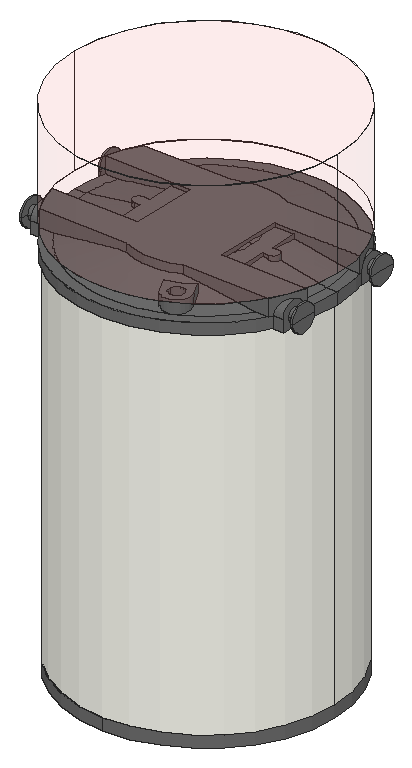
Revit family "Cooling_Plant-Accessories-Calmac-IceBank-Model-1220C4F", category Mechanical Equipment, Revit 2014 (continued)
Definition of nested family "Cooling_Plant_Accessories-Calmac-IceBank-Lid_C"
  Dimensions and locks (in)
    aligned and locked: cut or joined group of Revolve 1, Extrusion 2, Extrusion 4, Extrusion 5 to curve 96
    aligned and locked: curve 97 to Extrusion 3
    aligned and locked: curve 98 to cut or joined group of Revolve 1, Extrusion 2, Extrusion 4, Extrusion 5
    aligned and locked: cut or joined group of Revolve 1, Extrusion 2, Extrusion 4, Extrusion 5 to curve 100
    aligned and locked: curve 101 to cut or joined group of Revolve 1, Extrusion 2, Extrusion 4, Extrusion 5
    aligned and locked: curve 102 to cut or joined group of Revolve 1, Extrusion 2, Extrusion 4, Extrusion 5
    aligned and locked: cut or joined group of Revolve 1, Extrusion 2, Extrusion 4, Extrusion 5 to curve 103
    aligned and locked: cut or joined group of Revolve 1, Extrusion 2, Extrusion 4, Extrusion 5 to curve 110
    aligned and locked: curve 111 to Extrusion 3
    aligned and locked: curve 115 to cut or joined group of Revolve 1, Extrusion 2, Extrusion 4, Extrusion 5
    aligned and locked: plane 2 "Bottom" to curve 116
    aligned and locked: Masking region 3 sketch curve to cut or joined group of Revolve 1, Extrusion 2, Extrusion 4, Extrusion 5  (x2)
    aligned and locked: curve 121 to cut or joined group of Revolve 1, Extrusion 2, Extrusion 4, Extrusion 5
    aligned and locked: curve 122 to cut or joined group of Revolve 1, Extrusion 2, Extrusion 4, Extrusion 5
    aligned and locked: curve 123 to cut or joined group of Revolve 1, Extrusion 2, Extrusion 4, Extrusion 5
    aligned and locked: curve 124 to cut or joined group of Revolve 1, Extrusion 2, Extrusion 4, Extrusion 5
    aligned and locked: curve 125 to cut or joined group of Revolve 1, Extrusion 2, Extrusion 4, Extrusion 5
    aligned and locked: curve 126 to cut or joined group of Revolve 1, Extrusion 2, Extrusion 4, Extrusion 5
    aligned and locked: curve 127 to cut or joined group of Revolve 1, Extrusion 2, Extrusion 4, Extrusion 5
    aligned and locked: curve 128 to cut or joined group of Revolve 1, Extrusion 2, Extrusion 4, Extrusion 5
    aligned and locked: curve 129 to cut or joined group of Revolve 1, Extrusion 2, Extrusion 4, Extrusion 5
    aligned and locked: curve 130 to cut or joined group of Revolve 1, Extrusion 2, Extrusion 4, Extrusion 5
    aligned and locked: curve 131 to cut or joined group of Revolve 1, Extrusion 2, Extrusion 4, Extrusion 5
    aligned and locked: curve 132 to cut or joined group of Revolve 1, Extrusion 2, Extrusion 4, Extrusion 5
    aligned and locked: curve 133 to cut or joined group of Revolve 1, Extrusion 2, Extrusion 4, Extrusion 5
    aligned and locked: curve 134 to cut or joined group of Revolve 1, Extrusion 2, Extrusion 4, Extrusion 5
    aligned and locked: curve 135 to cut or joined group of Revolve 1, Extrusion 2, Extrusion 4, Extrusion 5
    aligned and locked: curve 136 to cut or joined group of Revolve 1, Extrusion 2, Extrusion 4, Extrusion 5
    aligned and locked: curve 137 to cut or joined group of Revolve 1, Extrusion 2, Extrusion 4, Extrusion 5
    aligned and locked: curve 138 to cut or joined group of Revolve 1, Extrusion 2, Extrusion 4, Extrusion 5
    aligned and locked: curve 139 to cut or joined group of Revolve 1, Extrusion 2, Extrusion 4, Extrusion 5
    aligned and locked: curve 140 to cut or joined group of Revolve 1, Extrusion 2, Extrusion 4, Extrusion 5
    aligned and locked: curve 141 to cut or joined group of Revolve 1, Extrusion 2, Extrusion 4, Extrusion 5
    aligned and locked: curve 142 to cut or joined group of Revolve 1, Extrusion 2, Extrusion 4, Extrusion 5
    aligned and locked: curve 143 to cut or joined group of Revolve 1, Extrusion 2, Extrusion 4, Extrusion 5
    aligned and locked: curve 144 to cut or joined group of Revolve 1, Extrusion 2, Extrusion 4, Extrusion 5
    aligned and locked: curve 145 to cut or joined group of Revolve 1, Extrusion 2, Extrusion 4, Extrusion 5
    aligned and locked: curve 146 to cut or joined group of Revolve 1, Extrusion 2, Extrusion 4, Extrusion 5
    aligned and locked: curve 147 to cut or joined group of Revolve 1, Extrusion 2, Extrusion 4, Extrusion 5
    aligned and locked: curve 148 to cut or joined group of Revolve 1, Extrusion 2, Extrusion 4, Extrusion 5
    aligned and locked: cut or joined group of Revolve 1, Extrusion 2, Extrusion 4, Extrusion 5 to curve 149
    aligned and locked: curve 150 to cut or joined group of Revolve 1, Extrusion 2, Extrusion 4, Extrusion 5
    aligned and locked: curve 151 to cut or joined group of Revolve 1, Extrusion 2, Extrusion 4, Extrusion 5
    aligned and locked: cut or joined group of Revolve 1, Extrusion 2, Extrusion 4, Extrusion 5 to curve 152
    aligned and locked: curve 153 to cut or joined group of Revolve 1, Extrusion 2, Extrusion 4, Extrusion 5
    aligned and locked: curve 154 to cut or joined group of Revolve 1, Extrusion 2, Extrusion 4, Extrusion 5
    aligned and locked: curve 155 to cut or joined group of Revolve 1, Extrusion 2, Extrusion 4, Extrusion 5
    aligned and locked: curve 156 to cut or joined group of Revolve 1, Extrusion 2, Extrusion 4, Extrusion 5
    aligned and locked: curve 157 to cut or joined group of Revolve 1, Extrusion 2, Extrusion 4, Extrusion 5
    aligned and locked: curve 158 to cut or joined group of Revolve 1, Extrusion 2, Extrusion 4, Extrusion 5
    aligned and locked: curve 159 to cut or joined group of Revolve 1, Extrusion 2, Extrusion 4, Extrusion 5
    aligned and locked: curve 160 to cut or joined group of Revolve 1, Extrusion 2, Extrusion 4, Extrusion 5
    aligned and locked: curve 161 to cut or joined group of Revolve 1, Extrusion 2, Extrusion 4, Extrusion 5
    aligned and locked: curve 162 to cut or joined group of Revolve 1, Extrusion 2, Extrusion 4, Extrusion 5
    aligned and locked: curve 163 to cut or joined group of Revolve 1, Extrusion 2, Extrusion 4, Extrusion 5
    aligned and locked: curve 164 to cut or joined group of Revolve 1, Extrusion 2, Extrusion 4, Extrusion 5
    aligned and locked: curve 127 to curve 165
    aligned and locked: plane 19 "Rigging Front" to curve 166
    aligned and locked: plane 9 "Rigging Back" to curve 166
    aligned and locked: curve 121 to curve 167
    aligned and locked: plane 19 "Rigging Front" to curve 168
    aligned and locked: plane 9 "Rigging Back" to curve 168
    aligned and locked: plane 8 "Piping Back" to curve 167  (x2)
    aligned and locked: Masking region 3 sketch curve to plane 5 "Back Connector Back"
    aligned and locked: Masking region 3 sketch curve to plane 44 "Connection Sleeve Left"
    aligned and locked: plane 45 "Connection Sleeve Right" to Masking region 3 sketch curve
    aligned and locked: plane 15 "Front Connection Front" to Masking region 3 sketch curve
    aligned and locked: curve 169 to cut or joined group of Revolve 1, Extrusion 2, Extrusion 4, Extrusion 5
    aligned and locked: curve 170 to cut or joined group of Revolve 1, Extrusion 2, Extrusion 4, Extrusion 5
    aligned and locked: curve 171 to curve 169
    aligned and locked: curve 172 to curve 170
    aligned and locked: curve 173 to cut or joined group of Revolve 1, Extrusion 2, Extrusion 4, Extrusion 5
    aligned and locked: curve 174 to cut or joined group of Revolve 1, Extrusion 2, Extrusion 4, Extrusion 5
    aligned and locked: curve 175 to cut or joined group of Revolve 1, Extrusion 2, Extrusion 4, Extrusion 5
    aligned and locked: curve 176 to cut or joined group of Revolve 1, Extrusion 2, Extrusion 4, Extrusion 5
    aligned and locked: curve 177 to cut or joined group of Revolve 1, Extrusion 2, Extrusion 4, Extrusion 5
    aligned and locked: curve 178 to cut or joined group of Revolve 1, Extrusion 2, Extrusion 4, Extrusion 5
    aligned and locked: curve 179 to cut or joined group of Revolve 1, Extrusion 2, Extrusion 4, Extrusion 5
    aligned and locked: curve 180 to cut or joined group of Revolve 1, Extrusion 2, Extrusion 4, Extrusion 5
    aligned and locked: cut or joined group of Revolve 1, Extrusion 2, Extrusion 4, Extrusion 5 to curve 181
    aligned and locked: curve 182 to cut or joined group of Revolve 1, Extrusion 2, Extrusion 4, Extrusion 5
    aligned and locked: curve 183 to cut or joined group of Revolve 1, Extrusion 2, Extrusion 4, Extrusion 5
    aligned and locked: curve 184 to cut or joined group of Revolve 1, Extrusion 2, Extrusion 4, Extrusion 5
    aligned and locked: curve 185 to cut or joined group of Revolve 1, Extrusion 2, Extrusion 4, Extrusion 5
    aligned and locked: curve 186 to cut or joined group of Revolve 1, Extrusion 2, Extrusion 4, Extrusion 5
    aligned and locked: curve 187 to cut or joined group of Revolve 1, Extrusion 2, Extrusion 4, Extrusion 5
    aligned and locked: curve 188 to cut or joined group of Revolve 1, Extrusion 2, Extrusion 4, Extrusion 5
    aligned and locked: curve 189 to cut or joined group of Revolve 1, Extrusion 2, Extrusion 4, Extrusion 5
    aligned and locked: curve 190 to cut or joined group of Revolve 1, Extrusion 2, Extrusion 4, Extrusion 5
    aligned and locked: cut or joined group of Revolve 1, Extrusion 2, Extrusion 4, Extrusion 5 to curve 191
    aligned and locked: cut or joined group of Revolve 1, Extrusion 2, Extrusion 4, Extrusion 5 to curve 192
    aligned and locked: cut or joined group of Revolve 1, Extrusion 2, Extrusion 4, Extrusion 5 to curve 193
    aligned and locked: cut or joined group of Revolve 1, Extrusion 2, Extrusion 4, Extrusion 5 to curve 194
    aligned and locked: curve 195 to cut or joined group of Revolve 1, Extrusion 2, Extrusion 4, Extrusion 5
    aligned and locked: cut or joined group of Revolve 1, Extrusion 2, Extrusion 4, Extrusion 5 to curve 196
    aligned and locked: curve 197 to cut or joined group of Revolve 1, Extrusion 2, Extrusion 4, Extrusion 5
    aligned and locked: cut or joined group of Revolve 1, Extrusion 2, Extrusion 4, Extrusion 5 to curve 198
    aligned and locked: plane 6 "Back Connector Center" to nested 4
    aligned and locked: nested 4 to plane 44 "Connection Sleeve Left"
    aligned and locked: nested 1 to plane 6 "Back Connector Center"
    aligned and locked: nested 1 to plane 45 "Connection Sleeve Right"
    aligned and locked: plane 16 "Fron Connector Center" to nested 2
    aligned and locked: nested 2 to plane 45 "Connection Sleeve Right"
    aligned and locked: nested 3 to plane 16 "Fron Connector Center"
    aligned and locked: nested 3 to plane 44 "Connection Sleeve Left"
    aligned and locked: plane 2 "Bottom" to curve 201
    aligned and locked: plane 1 "Center (Front/Back)" to curve 201
    aligned and locked: plane 3 "Center (Left/Right)" to nested 5
    aligned and locked: plane 1 "Center (Front/Back)" to nested 5
    aligned: plane 54 "Top of Clearance Box" to nested 5
    aligned: plane 55 "Top" to nested 5  (x4)
    aligned and locked: Masking region 1 to plane 55 "Top"
    aligned and locked: plane 57 "Center (Elevation)" to Extrusion 3 sketch curve  (x4)
    aligned and locked: plane 7 "Back Connector Front" to Extrusion 3 sketch curve
    aligned and locked: plane 55 "Top" to cut or joined group of Revolve 1, Extrusion 2, Extrusion 4, Extrusion 5
    aligned and locked: plane 57 "Center (Elevation)" to curve 172
    aligned and locked: cut or joined group of Revolve 1, Extrusion 2, Extrusion 4, Extrusion 5 to plane 57 "Center (Elevation)"
    aligned: plane 57 "Center (Elevation)" to nested 1  (x2)
    aligned: plane 57 "Center (Elevation)" to nested 2  (x2)
    aligned and locked: plane 57 "Center (Elevation)" to cut or joined group of Revolve 1, Extrusion 2, Extrusion 4, Extrusion 5  (x5)
    aligned and locked: curve 171 to plane 57 "Center (Elevation)"
    aligned: plane 57 "Center (Elevation)" to nested 3
    aligned and locked: curve 120 to plane 56 "Connector Channel Top"
    aligned and locked: curve 114 to plane 56 "Connector Channel Top"
    aligned: Masking region 2 to plane 55 "Top"
    aligned: plane 56 "Connector Channel Top" to Masking region 2
    aligned and locked: plane 21 "Top Front Edge" to Masking region 2
    aligned and locked: plane 58 "Front Inset 2" to Masking region 2
    aligned and locked: plane 57 "Center (Elevation)" to curve 78
    aligned and locked: curve 173 to plane 57 "Center (Elevation)"
    aligned and locked: curve 77 to plane 8 "Piping Back"
    aligned and locked: plane 9 "Rigging Back" to curve 86
    aligned and locked: plane 19 "Rigging Front" to curve 80
    aligned and locked: curve 95 to plane 18 "Piping Front"
    aligned and locked: curve 84 to plane 10 "Rigging Loop Back"
    aligned and locked: curve 82 to plane 20 "Rigging Loop Front"
    aligned and locked: cut or joined group of Revolve 1, Extrusion 2, Extrusion 4, Extrusion 5 to plane 56 "Connector Channel Top"
    aligned and locked: nested 5 to plane 54 "Top of Clearance Box"
    aligned and locked: plane 57 "Center (Elevation)" to nested 1
    aligned and locked: plane 57 "Center (Elevation)" to nested 2
    aligned and locked: plane 57 "Center (Elevation)" to nested 3
    aligned and locked: plane 55 "Top" to nested 5  (x6)
    aligned and locked: plane 54 "Top of Clearance Box" to nested 5  (x4)
    aligned and locked: Masking region 2 sketch curve to plane 55 "Top"
    aligned and locked: plane 56 "Connector Channel Top" to Masking region 2 sketch curve
    aligned and locked: curve 202 to curve 187
    aligned and locked: curve 203 to curve 186
    aligned and locked: curve 204 to curve 185
    aligned and locked: curve 205 to curve 184
    aligned and locked: curve 206 to curve 183
    aligned and locked: curve 207 to curve 182
    aligned and locked: curve 208 to curve 181
    aligned and locked: curve 209 to curve 180
    aligned and locked: curve 210 to curve 179
    aligned and locked: curve 211 to curve 190
    aligned and locked: curve 212 to curve 189
    aligned and locked: curve 213 to curve 188
    aligned and locked: curve 214 to curve 172
    aligned and locked: curve 215 to curve 171
  Automatic sketch dimensions
    Extrusion 4 sketch curve to Extrusion 4 sketch curve = 0"
    Extrusion 5 sketch curve to plane 9 "Rigging Back" = 0"
    Extrusion 2 sketch curve to Extrusion 2 sketch curve = 0"  (x5)
    Extrusion 2 sketch curve to plane 35 "Top Left" = 0"
    Extrusion 2 sketch curve to plane 3 "Center (Left/Right)" = 0"
    Extrusion 2 sketch curve to plane 9 "Rigging Back" = 0"
    plane 30 "Left Lip Inset" to Extrusion 2 sketch curve = 1.96722"  (x2)
    plane 38 "Lid Inset Right" to Extrusion 2 sketch curve = 1.96722"  (x2)
    Extrusion 2 sketch curve to plane 20 "Rigging Loop Front" = 0.60261"
    Extrusion 2 sketch curve to plane 10 "Rigging Loop Back" = 0.60261"
    Masking region 2 sketch curve to plane 27 "Pad Eye Front Center" = 0.69072"
    Masking region 3 sketch curve to Masking region 3 sketch curve = 0"  (x7)
    Masking region 3 sketch curve to plane 5 "Back Connector Back" = 0"
    plane 15 "Front Connection Front" to Masking region 3 sketch curve = 0"
    Masking region 3 sketch curve to plane 43 "Top Right" = 29.61091"
    Masking region 3 sketch curve to plane 45 "Connection Sleeve Right" = 0"
    plane 38 "Lid Inset Right" to Masking region 3 sketch curve = 1.34348"
    Revolve 1 sketch curve to Revolve 1 sketch curve = 3 3/4"
    Revolve 1 sketch curve to Revolve 1 sketch curve = 9"
    Revolve 1 sketch curve to Revolve 1 sketch curve = 0"
    Masking region 1 sketch curve to Masking region 1 sketch curve = 9 1/4"
    Masking region 2 sketch curve to plane 22 "Front Inset" = 0"
    Masking region 2 sketch curve to Masking region 2 sketch curve = 3 3/4"
    Masking region 2 sketch curve to Masking region 2 sketch curve = 0.64281"
    level to Masking region 2 sketch curve = 6.26888"
    level to Masking region 2 sketch curve = 6.54801"
    Masking region 2 sketch curve to Masking region 2 sketch curve = 0.27913"
    Masking region 2 sketch curve to Masking region 2 sketch curve = 3.60719"
    curve 97 to level = 0"
    curve 97 to plane 44 "Connection Sleeve Left" = 0"
    curve 119 to plane 57 "Center (Elevation)" = 0"
    curve 119 to level = 0"
    curve 100 to plane 50 "Top Left Inset" = 0"
    curve 99 to plane 3 "Center (Left/Right)" = 0"
    curve 101 to plane 56 "Connector Channel Top" = 0"
    plane 43 "Top Right" to curve 103 = 0"
    plane 51 "Top Right Inset" to curve 110 = 0"
    curve 116 to plane 57 "Center (Elevation)" = 0"
    plane 45 "Connection Sleeve Right" to curve 114 = 0"
    curve 111 to level = 0"
    curve 100 to plane 55 "Top" = 0"
    curve 110 to plane 55 "Top" = 0"
    plane 44 "Connection Sleeve Left" to curve 117 = 0.88726"
    curve 117 to plane 30 "Left Lip Inset" = 0.835"
    curve 117 to plane 50 "Top Left Inset" = 0.71316"
    curve 119 to curve 98 = 0.55915"
    plane 50 "Top Left Inset" to curve 115 = 4.45635"
    curve 99 to plane 32 "Left Rigging Loop Inset" = 1.17979"
    plane 35 "Top Left" to curve 99 = 0"
    plane 43 "Top Right" to curve 99 = 0.20898"
    plane 57 "Center (Elevation)" to curve 106 = 0.73854"
    curve 106 to plane 43 "Top Right" = 2.02375"
    plane 46 "Right Center" to curve 106 = 0.99812"
    plane 46 "Right Center" to curve 106 = 0.88046"
    curve 108 to plane 46 "Right Center" = 0.34333"
    plane 41 "Right Rigging Loop Left" to curve 107 = 0.48196"
    curve 107 to curve 107 = 0.0769"
    plane 41 "Right Rigging Loop Left" to curve 102 = 0.25712"
    curve 109 to curve 98 = 5.53004"
    curve 116 to plane 51 "Top Right Inset" = 0.55915"
    curve 112 to plane 51 "Top Right Inset" = 0.71316"
    curve 114 to plane 38 "Lid Inset Right" = 0.835"
    plane 45 "Connection Sleeve Right" to curve 112 = 0.88726"
    plane 57 "Center (Elevation)" to curve 107 = 0.21408"
    plane 57 "Center (Elevation)" to curve 101 = 1.59188"
    plane 57 "Center (Elevation)" to curve 112 = 1.76036"
    plane 57 "Center (Elevation)" to curve 118 = 1.76036"
    curve 104 to curve 109 = 1.3737"
    curve 101 to curve 99 = 1.22618"
    level to curve 115 = 6.56901"
    curve 198 to plane 18 "Piping Front" = 0"
    curve 198 to plane 57 "Center (Elevation)" = 0"
    curve 198 to plane 55 "Top" = 0"
    curve 197 to plane 57 "Center (Elevation)" = 0.14855"
    curve 197 to plane 8 "Piping Back" = 0"
    curve 197 to plane 55 "Top" = 0"
    curve 196 to plane 18 "Piping Front" = 0"
    curve 195 to plane 8 "Piping Back" = 0"
    curve 195 to plane 57 "Center (Elevation)" = 0"
    curve 195 to plane 55 "Top" = 0"
    curve 196 to plane 57 "Center (Elevation)" = 0"
    curve 196 to plane 55 "Top" = 0.21345"
    curve 122 to curve 126 = 0"  (x2)
    curve 122 to curve 130 = 0"  (x2)
    curve 122 to curve 134 = 0"  (x2)
    curve 122 to curve 140 = 0"  (x2)
    curve 122 to curve 141 = 0"
    curve 122 to curve 155 = 0"
    curve 122 to curve 156 = 0"  (x2)
    curve 122 to curve 166 = 0"  (x2)
    curve 122 to curve 168 = 0"  (x2)
    curve 122 to curve 171 = 0"  (x2)
    curve 122 to curve 173 = 0"  (x2)
    curve 122 to curve 174 = 0"  (x2)
    curve 122 to curve 175 = 0"  (x2)
    curve 122 to curve 176 = 0"
    curve 122 to curve 177 = 0"  (x2)
    curve 122 to curve 178 = 0"
    curve 128 to curve 186 = 0"  (x2)
    curve 136 to curve 180 = 0"
    curve 161 to curve 163 = 0"
    curve 161 to curve 164 = 0"
    curve 133 to plane 52 "Right Side Chanel" = 0"
    curve 131 to plane 52 "Right Side Chanel" = 0"
    curve 178 to plane 38 "Lid Inset Right" = 0"
    plane 20 "Rigging Loop Front" to curve 145 = 0"
    plane 1 "Center (Front/Back)" to curve 146 = 0"
    curve 143 to plane 41 "Right Rigging Loop Left" = 0"
    curve 147 to plane 41 "Right Rigging Loop Left" = 0"
    curve 189 to plane 42 "Right Rigging Left" = 0"
    curve 128 to plane 43 "Top Right" = 0"
    curve 135 to plane 43 "Top Right" = 0"
    plane 18 "Piping Front" to curve 186 = 0"
    curve 186 to plane 43 "Top Right" = 0"
    curve 165 to plane 3 "Center (Left/Right)" = 0"
    curve 186 to plane 3 "Center (Left/Right)" = 0"
    curve 180 to plane 3 "Center (Left/Right)" = 0"
    curve 167 to plane 3 "Center (Left/Right)" = 0"
    plane 18 "Piping Front" to curve 127 = 0"
    curve 123 to plane 34 "Left Rigging Right" = 0"
    curve 153 to plane 33 "Left Rigging Loop Right" = 0"
    curve 158 to plane 33 "Left Rigging Loop Right" = 0"
    curve 150 to plane 10 "Rigging Loop Back" = 0"
    plane 1 "Center (Front/Back)" to curve 150 = 0"
    curve 122 to plane 50 "Top Left Inset" = 0"
    curve 126 to plane 50 "Top Left Inset" = 0"
    curve 176 to plane 30 "Left Lip Inset" = 0"
    curve 168 to curve 178 = 0"
    curve 130 to curve 174 = 4.45635"
    curve 165 to curve 174 = 0"
    plane 51 "Top Right Inset" to curve 173 = 4.45635"
    curve 167 to curve 173 = 0"
    curve 145 to plane 40 "Right Rigging Loop Inset" = 1.25367"
    curve 161 to plane 24 "Pad Eye Back Left Offset" = 0.24397"
    plane 41 "Right Rigging Loop Left" to curve 161 = 0.73123"
    curve 163 to plane 46 "Right Center" = 0.40154"
    plane 46 "Right Center" to curve 162 = 0.11395"
    curve 161 to plane 42 "Right Rigging Left" = 1.55753"
    curve 141 to plane 42 "Right Rigging Left" = 1.24396"
    plane 25 "Pad Eye Hole" to curve 161 = 0.41045"
    plane 42 "Right Rigging Left" to curve 161 = 2.62837"
    plane 26 "Pad Eye Back Left" to curve 160 = 0.04987"
    plane 43 "Top Right" to curve 160 = 0.20898"
    plane 43 "Top Right" to curve 179 = 0.88239"
    plane 1 "Center (Front/Back)" to curve 159 = 0.00093"
    plane 3 "Center (Left/Right)" to curve 159 = 0.00344"
    curve 156 to plane 34 "Left Rigging Right" = 1.24396"
    curve 150 to plane 32 "Left Rigging Loop Inset" = 1.24992"
    curve 166 to curve 175 = 0"
    curve 180 to plane 10 "Rigging Loop Back" = 0.60261"
    curve 167 to plane 1 "Center (Front/Back)" = 0.00493"
    curve 159 to curve 165 = 0.03088"
    curve 128 to plane 20 "Rigging Loop Front" = 0.60261"
    curve 194 to plane 19 "Rigging Front" = 0"
    curve 193 to plane 9 "Rigging Back" = 0"
    curve 194 to plane 57 "Center (Elevation)" = 0"
    curve 193 to plane 57 "Center (Elevation)" = 0"
    curve 194 to plane 55 "Top" = 0"
    curve 193 to plane 55 "Top" = 0"
    curve 192 to plane 57 "Center (Elevation)" = 0"
    curve 192 to plane 55 "Top" = 0"
    curve 191 to plane 9 "Rigging Back" = 0"
    curve 191 to plane 57 "Center (Elevation)" = 0"
    curve 191 to plane 55 "Top" = 0"
    curve 192 to plane 19 "Rigging Front" = 0"
    curve 92 to plane 21 "Top Front Edge" = 0"
    curve 76 to plane 11 "Top Back Edge" = 0"
    curve 78 to plane 12 "Back Inset" = 0"
    level to curve 74 = 0"
    level to curve 89 = 0"
    level to curve 90 = 0"
    level to curve 75 = 0"
    plane 56 "Connector Channel Top" to curve 81 = 0"
    plane 56 "Connector Channel Top" to curve 85 = 0"
    curve 80 to plane 55 "Top" = 0"
    curve 77 to plane 55 "Top" = 0"
    curve 201 to plane 55 "Top" = 0"
    curve 86 to plane 55 "Top" = 0"
    curve 95 to plane 55 "Top" = 0"
    plane 23 "Pad Eye Back Right" to curve 91 = 0.21387"
    curve 91 to plane 58 "Front Inset 2" = 0.00052"
    plane 22 "Front Inset" to curve 96 = 0.00227"
    plane 18 "Piping Front" to curve 92 = 0.02422"
    curve 93 to plane 20 "Rigging Loop Front" = 0.00136"
    plane 1 "Center (Front/Back)" to curve 94 = 0.0138"
    plane 1 "Center (Front/Back)" to curve 94 = 0.00177"
    curve 93 to plane 1 "Center (Front/Back)" = 0.01386"
    curve 94 to plane 10 "Rigging Loop Back" = 0.00136"
    curve 76 to plane 8 "Piping Back" = 0.00969"
    plane 56 "Connector Channel Top" to curve 93 = 1.56605"
    plane 56 "Connector Channel Top" to curve 76 = 1.45199"
    plane 56 "Connector Channel Top" to curve 92 = 1.45199"
    curve 94 to curve 93 = 0.32132"
    curve 94 to curve 83 = 0.34177"
    curve 94 to curve 84 = 0.00054"
    curve 94 to curve 94 = 0.00054"
    curve 82 to curve 93 = 0.00002"
    curve 93 to curve 93 = 0.00002"
    curve 16 to curve 167 = 1.61517"
    curve 18 to curve 18 = 0.6236"
    curve 17 to plane 11 "Top Back Edge" = 1.60052"
    curve 18 to curve 17 = 0.6236"
    curve 18 to curve 16 = 1.56427"
    curve 16 to curve 17 = 1.24719"
    curve 18 to curve 17 = 0.78196"
    curve 17 to curve 17 = 1.24746"
    curve 16 to curve 17 = 1.56393"
    curve 15 to plane 31 "Left Rigging Loop Left" = 0.92879"
    curve 15 to curve 15 = 0.78196"
    curve 15 to curve 13 = 1.24746"
    curve 15 to curve 14 = 0.78196"
    curve 13 to curve 14 = 1.56393"
    curve 14 to curve 16 = 5.29454"
    curve 15 to curve 14 = 0.6236"
    curve 14 to curve 14 = 1.56427"
    curve 13 to curve 14 = 1.24719"
    plane 1 "Center (Front/Back)" to curve 60 = 0"
    curve 1 to plane 47 "Bolt Inset Right" = 0"
    curve 41 to plane 14 "Front" = 0"
    curve 41 to plane 47 "Bolt Inset Right" = 0"
    curve 42 to plane 3 "Center (Left/Right)" = 0"
    curve 2 to plane 48 "Bolt Inset Left" = 0"
    plane 1 "Center (Front/Back)" to curve 24 = 0"
    plane 4 "Back" to curve 2 = 0"
    plane 4 "Back" to curve 1 = 0"
    plane 49 "Bolt Inset Center" to curve 3 = 0"
    curve 40 to plane 14 "Front" = 0"
    curve 58 to plane 37 "Right" = 0.00227"
    curve 59 to plane 37 "Right" = 0.00227"
    curve 61 to plane 52 "Right Side Chanel" = 0.5656"
    curve 56 to plane 52 "Right Side Chanel" = 0.5656"
    curve 55 to plane 52 "Right Side Chanel" = 0.12048"
    curve 62 to plane 52 "Right Side Chanel" = 0.12048"
    plane 45 "Connection Sleeve Right" to curve 60 = 0.26851"
    curve 56 to plane 38 "Lid Inset Right" = 0.97814"
    curve 63 to plane 38 "Lid Inset Right" = 0.97814"
    curve 63 to plane 38 "Lid Inset Right" = 0.75558"
    curve 57 to plane 38 "Lid Inset Right" = 0.75558"
    curve 62 to plane 38 "Lid Inset Right" = 0.53302"
    curve 55 to plane 38 "Lid Inset Right" = 0.53302"
    curve 53 to plane 23 "Pad Eye Back Right" = 1.03206"
    plane 51 "Top Right Inset" to curve 53 = 3.26006"
    plane 51 "Top Right Inset" to curve 64 = 3.26006"
    plane 26 "Pad Eye Back Left" to curve 52 = 1.31658"
    curve 53 to curve 52 = 1.24719"
    curve 64 to curve 65 = 1.24719"
    curve 64 to curve 66 = 1.56427"
    curve 64 to plane 11 "Top Back Edge" = 1.60052"
    plane 23 "Pad Eye Back Right" to curve 53 = 0.21541"
    curve 53 to curve 53 = 1.56427"
    curve 53 to curve 54 = 0.6236"
    curve 66 to curve 66 = 0.6236"  (x2)
    curve 54 to curve 52 = 0.6236"
    curve 67 to plane 39 "Right Rigging Loop Right" = 3.74019"
    plane 25 "Pad Eye Hole" to curve 50 = 0.6295"
    curve 50 to plane 39 "Right Rigging Loop Right" = 3.74019"
    curve 67 to curve 67 = 1.24746"
    curve 50 to curve 50 = 1.24746"
    curve 49 to plane 25 "Pad Eye Hole" = 0.61769"
    curve 50 to curve 49 = 1.56393"
    curve 67 to curve 68 = 1.56393"
    curve 69 to curve 69 = 0.78196"
    curve 50 to curve 51 = 0.78196"
    curve 49 to plane 39 "Right Rigging Loop Right" = 0.92879"
    curve 69 to plane 39 "Right Rigging Loop Right" = 0.92879"
    plane 41 "Right Rigging Loop Left" to curve 47 = 0.54143"
    plane 41 "Right Rigging Loop Left" to curve 70 = 0.54143"
    plane 41 "Right Rigging Loop Left" to curve 48 = 1.40954"
    plane 41 "Right Rigging Loop Left" to curve 72 = 1.40954"
    curve 72 to plane 46 "Right Center" = 0.53926"
    curve 48 to plane 46 "Right Center" = 0.53926"
    plane 22 "Front Inset" to curve 46 = 0.13961"
    curve 46 to plane 46 "Right Center" = 0.50624"
    plane 12 "Back Inset" to curve 71 = 0.13961"
    curve 71 to plane 46 "Right Center" = 0.50624"
    plane 46 "Right Center" to curve 48 = 0.36187"
    plane 46 "Right Center" to curve 72 = 0.36187"
    curve 4 to plane 43 "Top Right" = 1.29276"
    curve 44 to plane 43 "Top Right" = 1.29276"
    curve 45 to plane 43 "Top Right" = 0.84755"
    plane 13 "Back Bolt Front" to curve 6 = 0.28224"
    curve 6 to plane 43 "Top Right" = 0.84755"
    plane 43 "Top Right" to curve 45 = 0.12755"
    plane 13 "Back Bolt Front" to curve 6 = 0.05968"
    plane 43 "Top Right" to curve 6 = 0.12755"
    plane 43 "Top Right" to curve 43 = 0.65743"
    plane 43 "Top Right" to curve 5 = 0.65743"
    curve 45 to curve 43 = 0.97509"
    curve 5 to plane 13 "Back Bolt Front" = 0.16288"
    curve 9 to plane 13 "Back Bolt Front" = 0.16288"
    plane 35 "Top Left" to curve 9 = 1.10264"
    plane 35 "Top Left" to curve 38 = 1.10264"
    plane 35 "Top Left" to curve 38 = 0.65743"
    plane 35 "Top Left" to curve 7 = 0.65743"
    plane 35 "Top Left" to curve 39 = 0.12755"
    plane 13 "Back Bolt Front" to curve 9 = 0.05968"
    plane 35 "Top Left" to curve 9 = 0.12755"
    curve 39 to plane 22 "Front Inset" = 0.53076"
    curve 39 to plane 35 "Top Left" = 0.84755"
    plane 13 "Back Bolt Front" to curve 8 = 0.28224"
    curve 8 to plane 35 "Top Left" = 1.29276"
    curve 37 to plane 35 "Top Left" = 1.29276"
    plane 33 "Left Rigging Loop Right" to curve 36 = 3.21178"
    plane 33 "Left Rigging Loop Right" to curve 12 = 3.21178"
    plane 12 "Back Inset" to curve 10 = 0.13961"
    curve 10 to curve 10 = 0.8681"
    plane 22 "Front Inset" to curve 35 = 0.13961"
    curve 36 to curve 35 = 0.8681"
    curve 12 to curve 12 = 0.90112"
    curve 35 to curve 36 = 0.90112"
    curve 12 to curve 11 = 0.90112"
    curve 36 to plane 58 "Front Inset 2" = 0.83541"
    curve 36 to curve 36 = 0.90112"
    plane 33 "Left Rigging Loop Right" to curve 11 = 0.54143"
    plane 33 "Left Rigging Loop Right" to curve 34 = 0.54143"
    curve 32 to plane 31 "Left Rigging Loop Left" = 0.92879"
    curve 32 to curve 33 = 0.78196"
    curve 32 to plane 25 "Pad Eye Hole" = 0.61769"
    curve 33 to curve 32 = 1.24746"
    curve 33 to curve 33 = 0.78196"
    plane 25 "Pad Eye Hole" to curve 31 = 0.6295"
    curve 32 to curve 31 = 1.56393"
    curve 30 to curve 165 = 1.61517"
    curve 29 to plane 23 "Pad Eye Back Right" = 1.34852"
    curve 29 to curve 30 = 0.6236"
    plane 23 "Pad Eye Back Right" to curve 28 = 0.21541"
    curve 30 to curve 28 = 0.6236"
    plane 26 "Pad Eye Back Left" to curve 29 = 1.31658"
    curve 30 to curve 29 = 1.56427"
    curve 28 to plane 23 "Pad Eye Back Right" = 1.03206"
    curve 29 to curve 28 = 1.24719"
    curve 19 to plane 30 "Left Lip Inset" = 0.53302"
    curve 27 to plane 30 "Left Lip Inset" = 0.53302"
    curve 21 to plane 30 "Left Lip Inset" = 0.75558"
    curve 27 to plane 30 "Left Lip Inset" = 0.75558"
    curve 20 to plane 30 "Left Lip Inset" = 0.97814"
    curve 27 to plane 30 "Left Lip Inset" = 0.97814"
    plane 44 "Connection Sleeve Left" to curve 23 = 0.26851"
    curve 26 to plane 53 "Left Side Channel" = 0.12048"
    curve 19 to plane 53 "Left Side Channel" = 0.12048"
    curve 20 to plane 53 "Left Side Channel" = 0.5656"
    curve 25 to plane 53 "Left Side Channel" = 0.5656"
    curve 22 to plane 29 "Left" = 0.00227"
    curve 23 to plane 29 "Left" = 0.00227"
    plane 4 "Back" to curve 5 = 0.88851"
    plane 4 "Back" to curve 7 = 0.88851"
    curve 8 to plane 49 "Bolt Inset Center" = 0.66715"
    curve 4 to plane 49 "Bolt Inset Center" = 0.66715"
    plane 12 "Back Inset" to curve 11 = 1.00752"
    plane 12 "Back Inset" to curve 70 = 1.00752"
    plane 12 "Back Inset" to curve 10 = 1.94225"
    plane 12 "Back Inset" to curve 71 = 1.94225"
    curve 12 to curve 12 = 0.43396"
    curve 71 to curve 72 = 0.43396"
    plane 12 "Back Inset" to curve 68 = 5.22954"
    curve 68 to curve 67 = 1.24719"
    curve 68 to curve 68 = 1.56427"
    curve 68 to curve 69 = 0.6236"
    curve 65 to curve 64 = 2.81139"
    curve 65 to curve 64 = 1.56393"
    curve 65 to curve 66 = 0.78196"
    curve 19 to plane 9 "Rigging Back" = 0.41389"
    curve 62 to plane 9 "Rigging Back" = 0.41389"
    curve 21 to plane 9 "Rigging Back" = 0.85911"
    curve 62 to plane 9 "Rigging Back" = 0.85911"
    curve 62 to curve 63 = 0.97509"
    curve 21 to curve 21 = 0.97509"
    curve 62 to curve 61 = 1.95019"
    curve 19 to curve 20 = 1.95019"
    curve 59 to plane 10 "Rigging Loop Back" = 0.99983"
    curve 24 to plane 10 "Rigging Loop Back" = 0.99983"
    curve 25 to plane 19 "Rigging Front" = 2.80929"
    curve 56 to plane 19 "Rigging Front" = 2.80929"
    curve 57 to curve 56 = 0.44521"
    curve 25 to curve 25 = 0.44521"
    curve 56 to curve 57 = 0.97509"
    curve 27 to curve 27 = 0.97509"
    curve 26 to plane 19 "Rigging Front" = 0.41389"
    curve 55 to plane 19 "Rigging Front" = 0.41389"
    curve 54 to plane 23 "Pad Eye Back Right" = 0.56656"
    curve 33 to curve 31 = 1.56427"
    curve 51 to curve 50 = 1.56427"
    curve 50 to curve 51 = 0.6236"
    curve 33 to curve 33 = 0.6236"
    curve 48 to plane 58 "Front Inset 2" = 0.83541"
    curve 36 to curve 36 = 0.43396"
    curve 47 to curve 48 = 0.43396"
    plane 22 "Front Inset" to curve 47 = 1.00752"
    plane 22 "Front Inset" to curve 34 = 1.00752"
    curve 44 to plane 22 "Front Inset" = 0.53076"
    curve 39 to plane 22 "Front Inset" = 0.75332"
    curve 45 to plane 22 "Front Inset" = 0.75332"
    curve 40 to plane 22 "Front Inset" = 1.81422"
    plane 14 "Front" to curve 44 = 1.33363"
    plane 14 "Front" to curve 37 = 1.33363"
    plane 14 "Front" to curve 43 = 0.88851"
    plane 14 "Front" to curve 38 = 0.88851"
    curve 200 to plane 3 "Center (Left/Right)" = 0"
    curve 210 to curve 209 = 0.88239"
    curve 199 to plane 37 "Right" = 0"
    plane 1 "Center (Front/Back)" to curve 199 = 0"
    curve 199 to plane 29 "Left" = 0"
    curve 214 to curve 216 = 0"  (x2)
    curve 214 to curve 217 = 0"  (x2)
    curve 202 to plane 51 "Top Right Inset" = 0"
    plane 14 "Front" to curve 200 = 0.00227"
    curve 207 to plane 53 "Left Side Channel" = 0"
    plane 4 "Back" to curve 200 = 0.00227"
  Nested families (in)
    nested 1: "Cooling_Plant_Accessories-Calmac-IceBank-4-Inch Flanged Connection" at (42.58273, 16.5, 3.75), Pipe Material <- "Pipe Material", visible <- "Is Back Right Flanged Connector Visibility", type <- "Connections Front", type "Flange"
      with Pipe Material Plastic- Calmac- Black
    nested 2: "Cooling_Plant_Accessories-Calmac-IceBank-4-Inch Flanged Connection" at (42.58273, -16.5, 3.75), Pipe Material <- "Pipe Material", visible <- "Is Front Right  Flanged Connector Visibility", type <- "Connections Front", type "Flange"
      with Pipe Material Plastic- Calmac- Black
    nested 3: "Cooling_Plant_Accessories-Calmac-IceBank-4-Inch Flanged Connection" at (-42.58273, -16.5, 3.75) x (-1, 0, 0) z (0, 0, 1), Pipe Material <- "Pipe Material", visible <- "Is Front Left  Flanged Connector Visibility", type <- "Connections Rear", type "Flange"
      with Pipe Material Plastic- Calmac- Black
    nested 4: "Cooling_Plant_Accessories-Calmac-IceBank-4-Inch Flanged Connection" at (-42.58273, 16.5, 3.75) x (-1, 0, 0) z (0, 0, 1), Pipe Material <- "Pipe Material", visible <- "Is Back Left  Flanged Connector Visibility", type <- "Connections Rear", type "Flange"
      with Pipe Material Plastic- Calmac- Black
    nested 5: "Cooling_Plant_Accessories-Calmac-IceBankClearance Box" at (0, 0, 15.25), CTRL Radius <- "CTRL Radius", visible <- "Is Clearance Box Visible", type "Include Clearance"
      with Width 88 5/8", Height 36", Depth 88 5/8", CTRL Radius 44 5/16"
  Definition of nested family "Cooling_Plant_Accessories-Calmac-IceBank-4-Inch Flanged Connection"
    Parameters (values of type "Flange")
      Pipe Material [instance] = none
      No Flange = not(Has Flange)  # no
      Has Flange = yes
    Types (3): name | No Flange | Has Flange
      (no name) | no | yes
      Flange | no | yes
      No Flange | yes | no
    Reference planes (in)
      plane 1 "Center (Front/Back)": y = 0
      plane 2 "Center (Elevation)": z = 0
      plane 3 "Center (Left/Right)": x = 0
      plane 4 "Back": y = 4.5
      plane 5 "Back Face": x = 2.79297
      plane 6 "Base Back": y = 2.25
      plane 7 "Fase Back": y = 3
      plane 8 "Front": y = -4.5
      plane 9 "Base Front": y = -2.25
      plane 10 "Face Front": y = -3
      plane 11 "Face": x = 3.41797
      plane 12 "T.O. Flange": z = 4.5
      plane 13 "T.O. Pipe": z = 2.25
      plane 14 "B.O. Flange": z = -4.5
      plane 15 "B.O. Pipe": z = -2.25
    Forms (in)
      Revolve 1, solid, material <- "Pipe Material", visible <- "Has Flange", detail levels fine
        sketch origin (0, 0, 0) x (1, 0, 0) y (0, 1, 0)
          loop
            line (0, 2.25) -> (0, 0) -> (3.41797, 0) -> (3.41797, 4.5) -> (2.79297, 4.5) -> (2.79297, 2.25) -> (0, 2.25)
          axis (0, 0) -> (3.41797, 0)
        angle from 0 to 360
      Extrusion 2, solid, material <- "Pipe Material", visible <- "No Flange", detail levels fine
        sketch origin (3.41797, 0, 0) x (0, 1, 0) y (0, 0, 1)
          loop
            circle (0, 0) r 2.25
        from -3.41797 to 0
    Lines and regions (in)
      Masking region 1, detail levels fine
        outline origin (0, 0, 0) x (0, 1, 0) y (0, 0, 1)
          loop
            circle (0, 0) r 4.5
      Masking region 2, visible <- "Has Flange", detail levels fine
        outline origin (0, 0, 0) x (1, 0, 0) y (0, 0, 1)
          loop
            line (3.41797, 4.5) -> (2.79297, 4.5) -> (2.79297, 2.25) -> (0, 2.25) -> (0, -2.25) -> (2.79297, -2.25) -> (2.79297, -4.5) -> (3.41797, -4.5) -> (3.41797, 4.5)
      Masking region 3, visible <- "Has Flange", detail levels fine
        outline origin (0, 0, 0) x (1, 0, 0) y (0, 1, 0)
          loop
            line (0, 2.25) -> (0, -2.25) -> (2.79297, -2.25) -> (2.79297, -4.5) -> (3.41797, -4.5) -> (3.41797, 4.5) -> (2.79297, 4.5) -> (2.79297, 2.25) -> (0, 2.25)
      Masking region 4, visible <- "No Flange", detail levels fine
        outline origin (0, 0, 0) x (1, 0, 0) y (0, 1, 0)
          loop
            line (0, 2.25) -> (0, -2.25) -> (3.41797, -2.25) -> (3.41797, 2.25) -> (0, 2.25)
      Masking region 5, visible <- "No Flange"
        outline origin (0, 0, 0) x (1, 0, 0) y (0, 0, 1)
          loop
            line (0, 2.25) -> (0, -2.25) -> (3.41797, -2.25) -> (3.41797, 2.25) -> (0, 2.25)
      model lines, style "Piping", detail levels coarse+medium
        curve 1: line (0, 0, 0) -> (3.41797, 0, 0)
      model lines, style "Piping", visible <- "Has Flange", detail levels medium
        curve 2: arc (3.41797, -4.5, 0) -> (3.41797, 0, 4.5) -> (3.41797, 4.5, 0) r 4.5
        curve 3: arc (3.41797, 4.5, 0) -> (3.41797, 0, -4.5) -> (3.41797, -4.5, 0) r 4.5
      symbolic lines, detail levels coarse+medium
        curve 4: line (0, 0, 0) -> (3.41797, 0, 0)
        curve 5: line (0, 0, 0) -> (3.41797, 0, 0)
    Dimensions and locks (in)
      locked: plane 4 "Back" to plane 7 "Fase Back" at 1.5
      locked: plane 4 "Back" to plane 6 "Base Back" at 2.25
      locked: plane 8 "Front" to plane 10 "Face Front" at 1.5
      locked: plane 8 "Front" to plane 9 "Base Front" at 2.25
      locked: plane 1 "Center (Front/Back)" to plane 6 "Base Back" at 2.25
      locked: plane 9 "Base Front" to plane 1 "Center (Front/Back)" at 2.25
      locked: plane 3 "Center (Left/Right)" to plane 11 "Face" at 3.41797
      locked: plane 5 "Back Face" to plane 11 "Face" at 0.625
      locked: plane 2 "Center (Elevation)" to plane 14 "B.O. Flange" at 4.5
      locked: plane 2 "Center (Elevation)" to plane 15 "B.O. Pipe" at 2.25
      locked: plane 12 "T.O. Flange" to plane 2 "Center (Elevation)" at 4.5
      locked: plane 12 "T.O. Flange" to plane 13 "T.O. Pipe" at 2.25
      aligned and locked: Revolve 1 sketch curve to plane 3 "Center (Left/Right)"
      aligned and locked: Revolve 1 sketch curve to plane 5 "Back Face"
      aligned and locked: Revolve 1 sketch curve to plane 11 "Face"
      aligned and locked: Revolve 1 sketch curve to plane 1 "Center (Front/Back)"
      aligned and locked: Revolve 1 sketch curve to plane 4 "Back"
      aligned and locked: Revolve 1 sketch curve to plane 6 "Base Back"
      aligned and locked: plane 1 "Center (Front/Back)" to Revolve 1 sketch curve  (x2)
      aligned and locked: plane 3 "Center (Left/Right)" to Revolve 1 sketch curve
      aligned and locked: Masking region 1 sketch curve to Revolve 1  (x2)
      aligned and locked: Masking region 2 sketch curve to Revolve 1  (x3)
      aligned and locked: Masking region 2 sketch curve to plane 5 "Back Face"
      aligned and locked: Masking region 2 sketch curve to plane 3 "Center (Left/Right)"
      aligned and locked: Masking region 3 sketch curve to plane 3 "Center (Left/Right)"
      aligned and locked: Masking region 3 sketch curve to plane 4 "Back"
      aligned and locked: Masking region 3 sketch curve to plane 6 "Base Back"
      aligned and locked: plane 9 "Base Front" to Masking region 3 sketch curve
      aligned and locked: plane 8 "Front" to Masking region 3 sketch curve
      aligned and locked: Masking region 3 sketch curve to plane 11 "Face"
      aligned and locked: Masking region 3 sketch curve to plane 5 "Back Face"  (x2)
      aligned and locked: plane 1 "Center (Front/Back)" to curve 1
      aligned and locked: plane 3 "Center (Left/Right)" to curve 1
      aligned and locked: curve 2 to Revolve 1
      aligned and locked: curve 3 to Revolve 1
      aligned and locked: plane 11 "Face" to curve 1
      aligned and locked: plane 11 "Face" to curve 4
      aligned and locked: plane 3 "Center (Left/Right)" to curve 4
      aligned and locked: plane 1 "Center (Front/Back)" to curve 4
      aligned and locked: plane 11 "Face" to curve 5
      aligned and locked: plane 3 "Center (Left/Right)" to curve 5
      aligned and locked: curve 5 to plane 2 "Center (Elevation)"
      aligned and locked: Masking region 2 to plane 12 "T.O. Flange"
      aligned and locked: plane 13 "T.O. Pipe" to Masking region 2
      aligned and locked: plane 2 "Center (Elevation)" to curve 1
      aligned and locked: plane 15 "B.O. Pipe" to Masking region 2
      aligned and locked: Masking region 2 to plane 14 "B.O. Flange"
      aligned and locked: plane 1 "Center (Front/Back)" to Extrusion 2 sketch curve
      aligned and locked: plane 2 "Center (Elevation)" to Extrusion 2 sketch curve
      aligned and locked: Extrusion 2 to plane 3 "Center (Left/Right)"
      aligned and locked: plane 11 "Face" to Extrusion 2
      aligned and locked: Masking region 4 sketch curve to plane 9 "Base Front"
      aligned and locked: Masking region 4 sketch curve to plane 6 "Base Back"
      aligned and locked: plane 3 "Center (Left/Right)" to Masking region 4 sketch curve
      aligned and locked: Masking region 4 sketch curve to plane 11 "Face"
      aligned and locked: Masking region 5 sketch curve to plane 11 "Face"
      aligned and locked: plane 13 "T.O. Pipe" to Masking region 5 sketch curve
      aligned and locked: plane 3 "Center (Left/Right)" to Masking region 5 sketch curve
      aligned and locked: plane 15 "B.O. Pipe" to Masking region 5 sketch curve
  Definition of nested family "Cooling_Plant_Accessories-Calmac-IceBankClearance Box"
    Parameters (values of type "Include Clearance")
      Width [instance] = CTRL Radius * 2  # 89"
      Height [instance] = 36"
      Depth [instance] = Width  # 89"
      Clearance Material = Clearance
      CTRL Radius [instance] = 44 1/2"
      Assembly Code = ""
    Reference planes (in)
      plane 1 "Center (Front/Back)": y = 0
      plane 2 "Bottom": z = -6
      plane 3 "Center (Left/Right)": x = 0
      plane 4 "Top": z = 30
      plane 5 "Back": y = 44.5
      plane 6 "Left": x = -44.5
      plane 7 "Front": y = -44.5
      plane 8 "Right": x = 44.5
      plane 9 "Center (Elevation)": z = 12
    Forms (in)
      Extrusion 1, solid, material "Clearance" <- "Clearance Material"
        sketch origin (0, 0, 30) x (-1, 0, 0) y (0, -1, 0)
          loop
            circle (0, 0) r 44.5
        from -36 to 0
    Lines and regions (in)
      symbolic lines, style "Clearance"
        curve 1: line (-44.5, 0, 30) -> (44.5, 0, 30)
        curve 2: line (-44.5, 0, -6) -> (-44.5, 0, 30)
        curve 3: line (44.5, 0, -6) -> (-44.5, 0, -6)
        curve 4: line (44.5, 0, 30) -> (44.5, 0, -6)
        curve 5: line (0, -44.5, 30) -> (0, 44.5, 30)
        curve 6: line (0, -44.5, -6) -> (0, -44.5, 30)
        curve 7: line (0, 44.5, -6) -> (0, -44.5, -6)
        curve 8: line (0, 44.5, 30) -> (0, 44.5, -6)
        curve 9: circle (0, 0, 30) r 44.5 normal (0, 0, 1)
    Dimensions and locks (in)
      "Height": plane 4 "Top" to plane 2 "Bottom"
      "Depth": plane 5 "Back" to plane 7 "Front"
      "Width": plane 6 "Left" to plane 8 "Right"
      equal spacing: plane 6 "Left", plane 3 "Center (Left/Right)", plane 8 "Right"
      equal spacing: plane 5 "Back", plane 1 "Center (Front/Back)", plane 7 "Front"
      equal spacing: plane 4 "Top", plane 9 "Center (Elevation)", plane 2 "Bottom"
      "CTRL Radius": radius of Extrusion 1 sketch curve
      "CTRL Radius": radius of curve 9
      aligned: level to plane 2 "Bottom"
      aligned and locked: plane 3 "Center (Left/Right)" to Extrusion 1 sketch curve
      aligned and locked: plane 1 "Center (Front/Back)" to Extrusion 1 sketch curve
      aligned and locked: plane 3 "Center (Left/Right)" to curve 9
      aligned and locked: plane 1 "Center (Front/Back)" to curve 9
      aligned and locked: Extrusion 1 to plane 2 "Bottom"
      aligned and locked: plane 2 "Bottom" to curve 3
      aligned and locked: plane 2 "Bottom" to curve 7
      aligned and locked: plane 4 "Top" to Extrusion 1
      aligned and locked: curve 1 to plane 4 "Top"
      aligned and locked: curve 5 to plane 4 "Top"
      aligned and locked: curve 8 to plane 5 "Back"
      aligned and locked: curve 6 to plane 7 "Front"
      aligned and locked: curve 4 to plane 8 "Right"
      aligned and locked: curve 2 to plane 6 "Left"
